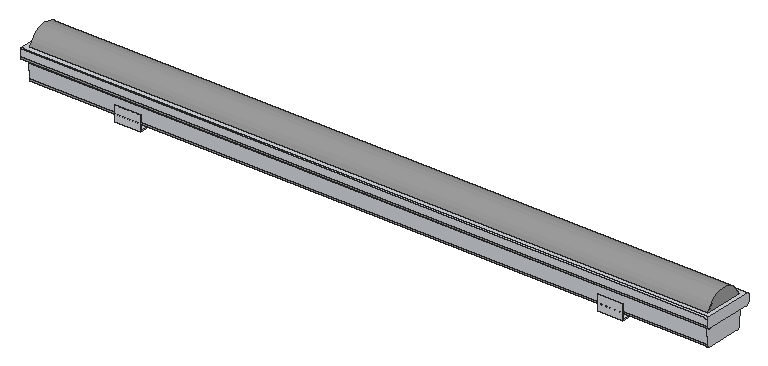
Revit family "0010236", category Lighting Fixtures, host Face, Revit 2017 (continued)
Types (60, lengths in mm): name | Weight | Wattage | TypeName | built-in parameter 1150134 | Photometric Web File | PowerFactor | PowerConsumption | NominalLength | Name | ModelReference | ModelNumber | Model | LuminousEfficacy | built-in parameter 1150105 | Lumens | LampNominalLuminous | LampMacAdamStep | LampColourTemperature | LENGHT_SYL | LENGHT_CHAMFER_SYL | LENGHT-_SYL | LENGHT-_CHAMFER_SYL | L0650_SYL | L1500_SYL | L1200_SYL | built-in parameter 1150107 | built-in parameter 1150106 | built-in parameter 1150104 | DocumentationLiterature | Description | BRACKET_WIDTH_SYL | BRACKET_DIST_SYL | Apparent Load
  0010215 RESISTO 1200 IP66 4800LM 840 QC | "1.61 kg" | 35 W | "Resisto  1200 IP66 4800lm 840 QC" | 12 | "0010215.ies" | 0.95 | "35 W" | 1212 | "Resisto  1200 IP66 4800lm 840 QC" | "Resisto  1200 IP66 4800lm 840 QC" | "0010215" | "Resisto  1200 IP66 4800lm 840 QC" | "137 lm/W" | 1583.6 (stored number, unit not read) | 4795 lm | "4800 lm" | "5" | "4000 K" | 592 | 600 | -592 | -600 | no | no | yes | 4000 (stored number, unit not read) | 15.836 (stored number, unit not read) | 12.728 (stored number, unit not read) | "http://www.sylvania-lighting.com/product/en-int/products/0010215" | "Resisto, integrated LED weatherproof luminaire, with UV stabilized flat diffuser designed to achieve uniform lit appearance, optimise light output and to reduce glare. 301 stainless steel diffuser clips and fixing brackets for surface mounting. Polycarbonate housing and diffuser - no yellow discolouration over time. 4800lm; 35W; 137lm/W; 4000K; SDCM<5; non dimmable; CRI80; IP66; IK08; Class I; 69,000hrs (L80B20) lifespan; 1200mm x 89mm x 88mm; D-mark; assembled with quick connector." | 400 | 444 | 35 VA
  0010214 RESISTO 1200 IP66 2800LM 840 QC | "1.57 kg" | 21 W | "Resisto  1200 IP66 2800lm 840 QC" | 12 | "0010214.ies" | 0.95 | "21 W" | 1212 | "Resisto  1200 IP66 2800lm 840 QC" | "Resisto  1200 IP66 2800lm 840 QC" | "0010214" | "Resisto  1200 IP66 2800lm 840 QC" | "133 lm/W" | 917.95 (stored number, unit not read) | 2793 lm | "2800 lm" | "5" | "4000 K" | 592 | 600 | -592 | -600 | no | no | yes | 4000 (stored number, unit not read) | 9.1795 (stored number, unit not read) | 12.356 (stored number, unit not read) | "http://www.sylvania-lighting.com/product/en-int/products/0010214" | "Resisto, integrated LED weatherproof luminaire, with UV stabilized flat diffuser designed to achieve uniform lit appearance, optimise light output and to reduce glare. 301 stainless steel diffuser clips and fixing brackets for surface mounting. Polycarbonate housing and diffuser - no yellow discolouration over time. 2800lm; 21W; 133lm/W; 4000K; SDCM<5; non dimmable; CRI80; IP66; IK08; Class I; 69,000hrs (L80B20) lifespan; 1200mm x 89mm x 88mm; D-mark; assembled with quick connector." | 400 | 444 | 21 VA
  0010213 RESISTO 1200 IP66 4800LM 865 | "1.54 kg" | 35 W | "Resisto  1200 IP66 4800lm 865" | 1 | "0010213.ies" | 0.95 | "35 W" | 1200 | "Resisto  1200 IP66 4800lm 865" | "Resisto  1200 IP66 4800lm 865" | "0010213" | "Resisto  1200 IP66 4800lm 865" | "137 lm/W" | 1583.6 (stored number, unit not read) | 4795 lm | "4800 lm" | "5" | "6500 K" | 592 | 600 | -592 | -600 | no | no | yes | 6500 (stored number, unit not read) | 15.836 (stored number, unit not read) | 12.728 (stored number, unit not read) | "http://www.sylvania-lighting.com/product/en-int/products/0010213" | "Resisto, integrated LED weatherproof luminaire, with UV stabilized flat diffuser designed to achieve uniform lit appearance, optimise light output and to reduce glare. 301 stainless steel diffuser clips and fixing brackets for surface mounting. Polycarbonate housing and diffuser - no yellow discolouration over time. 4800lm; 35W; 137lm/W; 6500K; SDCM<5; non dimmable; CRI80; IP66; IK08; Class I; 69,000hrs (L80B20) lifespan; 1200mm x 89mm x 88mm; D-mark." | 400 | 444 | 35 VA
  0010212 RESISTO 1200 IP66 2800LM 865 | "1.5 kg" | 21 W | "Resisto  1200 IP66 2800lm 865" | 1 | "0010212.ies" | 0.95 | "21 W" | 1200 | "Resisto  1200 IP66 2800lm 865" | "Resisto  1200 IP66 2800lm 865" | "0010212" | "Resisto  1200 IP66 2800lm 865" | "133 lm/W" | 917.95 (stored number, unit not read) | 2793 lm | "2800 lm" | "5" | "6500 K" | 592 | 600 | -592 | -600 | no | no | yes | 6500 (stored number, unit not read) | 9.1795 (stored number, unit not read) | 12.356 (stored number, unit not read) | "http://www.sylvania-lighting.com/product/en-int/products/0010212" | "Resisto, integrated LED weatherproof luminaire, with UV stabilized flat diffuser designed to achieve uniform lit appearance, optimise light output and to reduce glare. 301 stainless steel diffuser clips and fixing brackets for surface mounting. Polycarbonate housing and diffuser - no yellow discolouration over time. 2800lm; 21W; 133lm/W; 6500K; SDCM<5; non dimmable; CRI80; IP66; IK08; Class I; 69,000hrs (L80B20) lifespan; 1200mm x 89mm x 88mm; D-mark." | 400 | 444 | 21 VA
  0010211 RESISTO 1200 IP66 4800LM 840 | "11.88 kg" | 35 W | "Resisto  1200 IP66 4800lm 840" | 12 | "0010211.ies" | 0.95 | "35.0 W" | 1200 | "Resisto  1200 IP66 4800lm 840" | "Resisto  1200 IP66 4800lm 840" | "0010211" | "Resisto  1200 IP66 4800lm 840" | "137 lm/W" | -7601417.6 (stored number, unit not read) | 4795 lm | "4800 lm" | "5" | "4000 K" | 592 | 600 | -592 | -600 | no | no | yes | 4000 (stored number, unit not read) | -76014.2 (stored number, unit not read) | 12.728 (stored number, unit not read) | "http://www.sylvania-lighting.com/product/en-int/products/0010211" | "Resisto, integrated LED weatherproof luminaire, with UV stabilized flat diffuser designed to achieve uniform lit appearance, optimise light output and to reduce glare. 301 stainless steel diffuser clips and fixing brackets for surface mounting. Polycarbonate housing and diffuser - no yellow discolouration over time. 4800lm; 35W; 137lm/W; 4000K; SDCM<5; non dimmable; CRI80; IP66; IK08; Class I; 69,000hrs (L80B20) lifespan; 1200mm x 89mm x 88mm; D-mark." | 400 | 444 | 35 VA
  0010210 RESISTO 1200 IP66 2800LM 840 | "11.88 kg" | 21 W | "Resisto  1200 IP66 2800lm 840" | 12 | "0010210.ies" | 0.95 | "21.0 W" | 1200 | "Resisto  1200 IP66 2800lm 840" | "Resisto  1200 IP66 2800lm 840" | "0010210" | "Resisto  1200 IP66 2800lm 840" | "133 lm/W" | -2570258.2 (stored number, unit not read) | 2793 lm | "2800 lm" | "5" | "4000 K" | 592 | 600 | -592 | -600 | no | no | yes | 4000 (stored number, unit not read) | -25702.6 (stored number, unit not read) | 12.356 (stored number, unit not read) | "http://www.sylvania-lighting.com/product/en-int/products/0010210" | "Resisto, integrated LED weatherproof luminaire, with UV stabilized flat diffuser designed to achieve uniform lit appearance, optimise light output and to reduce glare. 301 stainless steel diffuser clips and fixing brackets for surface mounting. Polycarbonate housing and diffuser - no yellow discolouration over time. 2800lm; 21W; 133lm/W; 4000K; SDCM<5; non dimmable; CRI80; IP66; IK08; Class I; 69,000hrs (L80B20) lifespan; 1200mm x 89mm x 88mm; D-mark." | 400 | 444 | 21 VA
  0010209 RESISTO 1200 IP66 4800LM 830 | "1.54 kg" | 35 W | "Resisto  1200 IP66 4800lm 830" | (empty or 0) | "0010209.ies" | 0.95 | "35 W" | 1200 | "Resisto  1200 IP66 4800lm 830" | "Resisto  1200 IP66 4800lm 830" | "0010209" | "Resisto  1200 IP66 4800lm 830" | "137 lm/W" | 1583.6 (stored number, unit not read) | 4795 lm | "4800 lm" | "5" | "3000 K" | 592 | 600 | -592 | -600 | no | no | yes | 3000 (stored number, unit not read) | 15.836 (stored number, unit not read) | 12.728 (stored number, unit not read) | "http://www.sylvania-lighting.com/product/en-int/products/0010209" | "Resisto, integrated LED weatherproof luminaire, with UV stabilized flat diffuser designed to achieve uniform lit appearance, optimise light output and to reduce glare. 301 stainless steel diffuser clips and fixing brackets for surface mounting. Polycarbonate housing and diffuser - no yellow discolouration over time. 4800lm; 35W; 137lm/W; 3000K; SDCM<5; non dimmable; CRI80; IP66; IK08; Class I; 69,000hrs (L80B20) lifespan; 1200mm x 89mm x 88mm; D-mark." | 400 | 444 | 35 VA
  0010208 RESISTO 1200 IP66 2800LM 830 | "1.5 kg" | 21 W | "Resisto  1200 IP66 2800lm 830" | (empty or 0) | "0010208.ies" | 0.95 | "21 W" | 1200 | "Resisto  1200 IP66 2800lm 830" | "Resisto  1200 IP66 2800lm 830" | "0010208" | "Resisto  1200 IP66 2800lm 830" | "133 lm/W" | 917.95 (stored number, unit not read) | 2793 lm | "2800 lm" | "5" | "3000 K" | 592 | 600 | -592 | -600 | no | no | yes | 3000 (stored number, unit not read) | 9.1795 (stored number, unit not read) | 12.356 (stored number, unit not read) | "http://www.sylvania-lighting.com/product/en-int/products/0010208" | "Resisto, integrated LED weatherproof luminaire, with UV stabilized flat diffuser designed to achieve uniform lit appearance, optimise light output and to reduce glare. 301 stainless steel diffuser clips and fixing brackets for surface mounting. Polycarbonate housing and diffuser - no yellow discolouration over time. 2800lm; 21W; 133lm/W; 3000K; SDCM<5; non dimmable; CRI80; IP66; IK08; Class I; 69,000hrs (L80B20) lifespan; 1200mm x 89mm x 88mm; D-mark." | 400 | 444 | 21 VA
  0010207 RESISTO 600 HE IP66 2500LM 840 | "0.96 kg" | 16 W | "Resisto  600 HE IP66 2500lm 840" | 12 | "0010207.ies" | 0.95 | "16 W" | 650 | "Resisto  600 HE IP66 2500lm 840" | "Resisto  600 HE IP66 2500lm 840" | "0010207" | "Resisto  600 HE IP66 2500lm 840" | "156 lm/W" | 829.02 (stored number, unit not read) | 2496 lm | "2500 lm" | "3" | "4000 K" | 317 | 325 | -317 | -325 | yes | no | no | 4000 (stored number, unit not read) | 8.2902 (stored number, unit not read) | 14.493 (stored number, unit not read) | "http://www.sylvania-lighting.com/product/en-int/products/0010207" | "Resisto, integrated LED weatherproof luminaire, with UV stabilized flat diffuser designed to achieve uniform lit appearance, optimise light output and to reduce glare. 301 stainless steel diffuser clips and fixing brackets for surface mounting. Polycarbonate housing and diffuser - no yellow discolouration over time. 2500lm; 16W; 156lm/W; 4000K; SDCM<3; non dimmable; CRI80; IP66; IK08; Class I; 69,000hrs (L80B20) lifespan; 650mm x 89mm x 88mm; D-mark." | 125 | 169 | 16 VA
  0010206 RESISTO 600 HE IP66 1400LM 840 | "0.88 kg" | 10 W | "Resisto  600 HE IP66 1400lm 840" | 12 | "0010206.ies" | 0.9 | "10 W" | 650 | "Resisto  600 HE IP66 1400lm 840" | "Resisto  600 HE IP66 1400lm 840" | "0010206" | "Resisto  600 HE IP66 1400lm 840" | "140 lm/W" | 479.25 (stored number, unit not read) | 1400 lm | "1400 lm" | "3" | "4000 K" | 317 | 325 | -317 | -325 | yes | no | no | 4000 (stored number, unit not read) | 4.7925 (stored number, unit not read) | 13.006 (stored number, unit not read) | "http://www.sylvania-lighting.com/product/en-int/products/0010206" | "Resisto, integrated LED weatherproof luminaire, with UV stabilized flat diffuser designed to achieve uniform lit appearance, optimise light output and to reduce glare. 301 stainless steel diffuser clips and fixing brackets for surface mounting. Polycarbonate housing and diffuser - no yellow discolouration over time. 1400lm; 10W; 140lm/W; 4000K; SDCM<3; non dimmable; CRI80; IP66; IK08; Class I; 69,000hrs (L80B20) lifespan; 650mm x 89mm x 88mm; D-mark." | 125 | 169 | 10 VA
  0010205 RESISTO 600 IP66 2500LM 865 | "0.88 kg" | 19 W | "Resisto  600 IP66 2500lm 865" | 1 | "0010205.ies" | 1 | "19 W" | 650 | "Resisto  600 IP66 2500lm 865" | "Resisto  600 IP66 2500lm 865" | "0010205" | "Resisto  600 IP66 2500lm 865" | "132 lm/W" | 833.01 (stored number, unit not read) | 2508 lm | "2500 lm" | "5" | "6500 K" | 317 | 325 | -317 | -325 | yes | no | no | 6500 (stored number, unit not read) | 8.3301 (stored number, unit not read) | 12.263 (stored number, unit not read) | "http://www.sylvania-lighting.com/product/en-int/products/0010205" | "Resisto, integrated LED weatherproof luminaire, with UV stabilized flat diffuser designed to achieve uniform lit appearance, optimise light output and to reduce glare. 301 stainless steel diffuser clips and fixing brackets for surface mounting. Polycarbonate housing and diffuser - no yellow discolouration over time. 2500lm; 19W; 132lm/W; 6500K; SDCM<5; non dimmable; CRI80; IP66; IK08; Class I; 69,000hrs (L80B20) lifespan; 650mm x 89mm x 88mm; D-mark." | 125 | 169 | 19 VA
  0010204 RESISTO 600 IP66 1600LM 865 | "0.88 kg" | 12 W | "Resisto  600 IP66 1600lm 865" | 1 | "0010204.ies" | 0.9 | "12 W" | 650 | "Resisto  600 IP66 1600lm 865" | "Resisto  600 IP66 1600lm 865" | "0010204" | "Resisto  600 IP66 1600lm 865" | "133 lm/W" | 546.34 (stored number, unit not read) | 1596 lm | "1600 lm" | "5" | "6500 K" | 317 | 325 | -317 | -325 | yes | no | no | 6500 (stored number, unit not read) | 5.4634 (stored number, unit not read) | 12.356 (stored number, unit not read) | "http://www.sylvania-lighting.com/product/en-int/products/0010204" | "Resisto, integrated LED weatherproof luminaire, with UV stabilized flat diffuser designed to achieve uniform lit appearance, optimise light output and to reduce glare. 301 stainless steel diffuser clips and fixing brackets for surface mounting. Polycarbonate housing and diffuser - no yellow discolouration over time. 1600lm; 12W; 133lm/W; 6500K; SDCM<5; non dimmable; CRI80; IP66; IK08; Class I; 69,000hrs (L80B20) lifespan; 650mm x 89mm x 88mm; D-mark." | 125 | 169 | 12 VA
  0010203 RESISTO 600 IP66 2500LM 840 | "10.2 kg" | 19 W | "Resisto  600 IP66 2500lm 840" | 12 | "0010203.ies" | 0.95 | "19.0 W" | 650 | "Resisto  600 IP66 2500lm 840" | "Resisto  600 IP66 2500lm 840" | "0010203" | "Resisto  600 IP66 2500lm 840" | "132 lm/W" | -2082492.7 (stored number, unit not read) | 2508 lm | "2500 lm" | "5" | "4000 K" | 317 | 325 | -317 | -325 | yes | no | no | 4000 (stored number, unit not read) | -20824.9 (stored number, unit not read) | 12.263 (stored number, unit not read) | "http://www.sylvania-lighting.com/product/en-int/products/0010203" | "Resisto, integrated LED weatherproof luminaire, with UV stabilized flat diffuser designed to achieve uniform lit appearance, optimise light output and to reduce glare. 301 stainless steel diffuser clips and fixing brackets for surface mounting. Polycarbonate housing and diffuser - no yellow discolouration over time. 2500lm; 19W; 132lm/W; 4000K; SDCM<5; non dimmable; CRI80; IP66; IK08; Class I; 69,000hrs (L80B20) lifespan; 650mm x 89mm x 88mm; D-mark." | 125 | 169 | 19 VA
  0010202 RESISTO 600 IP66 1600LM 840 | "10.2 kg" | 12 W | "Resisto  600 IP66 1600lm 840" | 12 | "0010202.ies" | 0.9 | "12.0 W" | 650 | "Resisto  600 IP66 1600lm 840" | "Resisto  600 IP66 1600lm 840" | "0010202" | "Resisto  600 IP66 1600lm 840" | "133 lm/W" | -874129.2 (stored number, unit not read) | 1596 lm | "1600 lm" | "5" | "4000 K" | 317 | 325 | -317 | -325 | yes | no | no | 4000 (stored number, unit not read) | -8741.3 (stored number, unit not read) | 12.356 (stored number, unit not read) | "http://www.sylvania-lighting.com/product/en-int/products/0010202" | "Resisto, integrated LED weatherproof luminaire, with UV stabilized flat diffuser designed to achieve uniform lit appearance, optimise light output and to reduce glare. 301 stainless steel diffuser clips and fixing brackets for surface mounting. Polycarbonate housing and diffuser - no yellow discolouration over time. 1600lm; 12W; 133lm/W; 4000K; SDCM<5; non dimmable; CRI80; IP66; IK08; Class I; 69,000hrs (L80B20) lifespan; 650mm x 89mm x 88mm; D-mark." | 125 | 169 | 12 VA
  0010279 RESISTO 1500 HE IP66 DALI 8300LM 840 | "2.01 kg" | 54 W | "Resisto 1500 HE IP66 DALI 8300lm 840" | 12 | "0010279.ies" | 0.99 | "54 W" | 1500 | "Resisto 1500 HE IP66 DALI 8300lm 840" | "Resisto 1500 HE IP66 DALI 8300lm 840" | "0010279" | "Resisto 1500 HE IP66 DALI 8300lm 840" | "154 lm/W" | 2773 (stored number, unit not read) | 8316 lm | "8300 lm" | "3" | "4000 K" | 742 | 750 | -742 | -750 | no | yes | no | 4000 (stored number, unit not read) | 27.73 (stored number, unit not read) | 14.307 (stored number, unit not read) | "http://www.sylvania-lighting.com/product/en-int/products/0010279" | "Resisto, integrated LED weatherproof luminaire, with UV stabilized flat diffuser designed to achieve uniform lit appearance, optimise light output and to reduce glare. 301 stainless steel diffuser clips and fixing brackets for surface mounting. Polycarbonate housing and diffuser - no yellow discolouration over time. 8300lm; 54W; 154lm/W; 4000K; SDCM<3; DALI dimmable; CRI80; IP66; IK08; Class I; 69,000hrs (L80B20) lifespan; 1500mm x 89mm x 88mm; D-mark." | 550 | 594 | 54 VA
